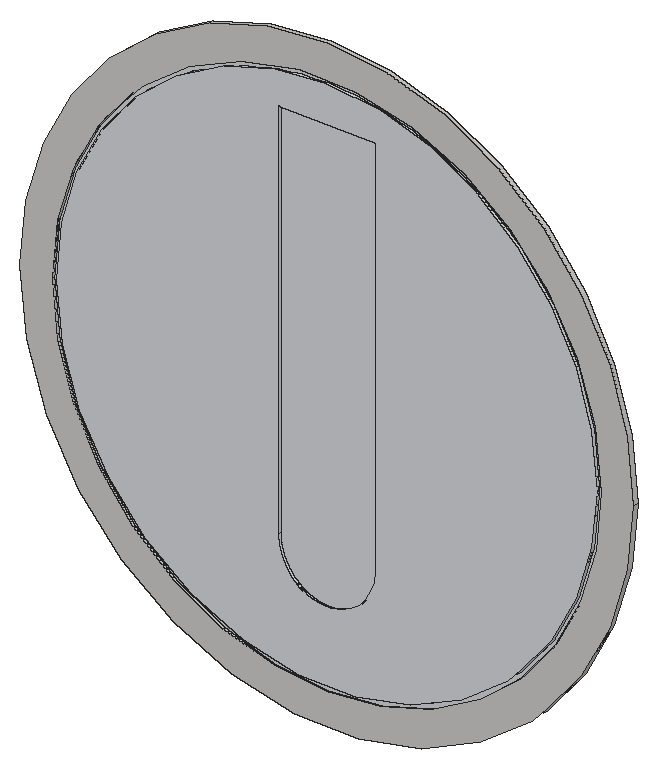
Revit family "RS2", category Generic Models, Revit 2021
Family settings
  Can host rebar = No
  Round Connector Dimension = Use Diameter
  Part Type = Normal
  Work Plane-Based = No
  Always vertical = Yes
  Cut with Voids When Loaded = No
  Shared = No
  Room Calculation Point = No
Parameters (values of type "Standard")
  e-mail = "info@vola.com"
  URL = "http://vola.com"
  Telephone = "+45 7023 5500"
  Quality management standard = "ISO 9001"
  Organisation no. / DUNS no. = "17531328"
  Occupational health and safety management standard = "ISO 18001"
  Mounting Instructions = "http://vola.com/service/producturl.ashx?name=RS2"
  Model = "RS2"
  Materials and components information = "http://vola.com/service/producturl.ashx?name=RS2"
  Manufacturer = "VOLA A/S"
  Maintenance Instructions = "http://vola.com/service/producturl.ashx?name=RS2"
  Guarantee = "2 years"
  Environmental management standard = "ISO 14000"
  Default Elevation = 0.0000 mm
  Connection - All relevant connections = ""
  Approvals = "http://vola.com/service/producturl.ashx?name=RS2"
Reference planes
  plane 1 "Center (Front/Back)": y = 0
  plane 2: z = 0
  plane 3 "Center (Left/Right)": x = 0
  plane 4 "Cilinder": through (0, -175.696, 153.673) normal (0, -0.9925, -0.1219)
Forms (mm)
  Extrusion 1, solid, material "Stainless Steel"
    sketch origin (0, 0, 0) x (1, 0, 0) y (0, 0, 1)
      loop
        circle (0, 0) r 143
      loop
        circle (0, 0) r 128
    from 0 to 2
  Extrusion 2, solid
    sketch origin (0, 0, 0) x (1, 0, 0) y (0, 0, 1)
      loop
        circle (0, 0) r 126
      loop
        line (22.5, 109) -> (-22.5, 109) -> (-22.5, -70)
        arc (-22.5, -70) -> (0, -92.5) -> (22.5, -70) r 22.5
        line (22.5, -70) -> (22.5, 109)
    from 0 to 2
  Extrusion 3, solid
    sketch origin (0, 0, 0) x (1, 0, 0) y (0, 0, 1)
      loop
        line (-22.5, 109) -> (-22.5, -70)
        arc (-22.5, -70) -> (0, -92.5) -> (22.5, -70) r 22.5
        line (22.5, -70) -> (22.5, 109) -> (-22.5, 109)
      loop
        circle (0, 0) r 126
      loop
        circle (0, 0) r 128
    from 0 to 1
Dimensions and locks
  aligned and locked: plane 2 to level
